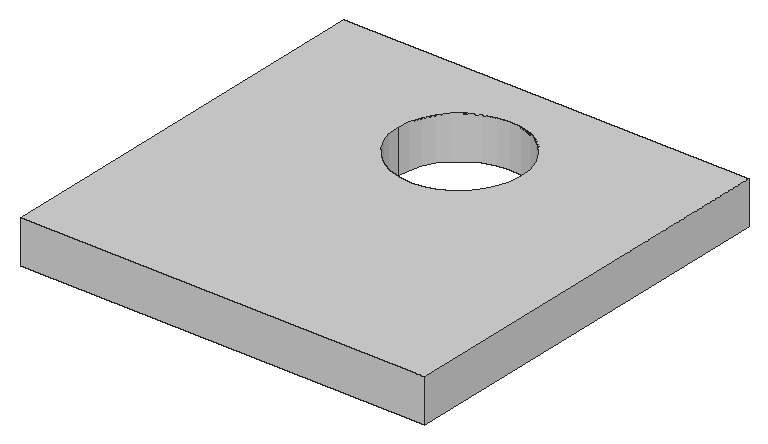
Revit family "EV_NEVI ECCENTRIC WASHER_1920894", category Modelos genéricos, Revit 2018
Family settings
  Puede alojar armadura = No
  Cota de conector redondo = Diámetro de uso
  Tipo de pieza = Normal
  Número OmniClass = 35.51.14.00
  Título OmniClass = FORMWORK
  Se basa en plano de trabajo = Sí
  Siempre vertical = No
  Corte con vacíos al cargar = No
  Compartido = Sí
  Punto de cálculo de habitación = No
Parameters
  VERSION = "20170217"  # constant formula
  URL = "www.ulmaconstruction.com/en"
  UNICLASS = ""
  Fabricante = "ULMA CONSTRUCTION"  # constant formula
  ITEM_CODE = "1920894"
  FILTER [instance] = ""
  Default Elevation = 0.000 mm
  CLASSIFICATION_TITLE = ""
  CLASSIFICATION_NUMBER = ""
Reference planes
  plane 1 "Centro (Frontal/Posterior)": y = 0
  plane 2: z = 0
  plane 3 "Centro (Izquierda/Derecha)": x = 0
Forms (mm)
  Extrusion 1, solid, material "ULMA ZINC"
    sketch origin (0, 0, 0) x (1, 0, 0) y (0, 1, 0)
      loop
        line (37.5, 20) -> (-37.5, 20) -> (-37.5, -55) -> (37.5, -55) -> (37.5, 20)
      loop
        circle (0, 0) r 11.5
    from 0 to 8
Dimensions and locks
  aligned and locked: level to plane 2
